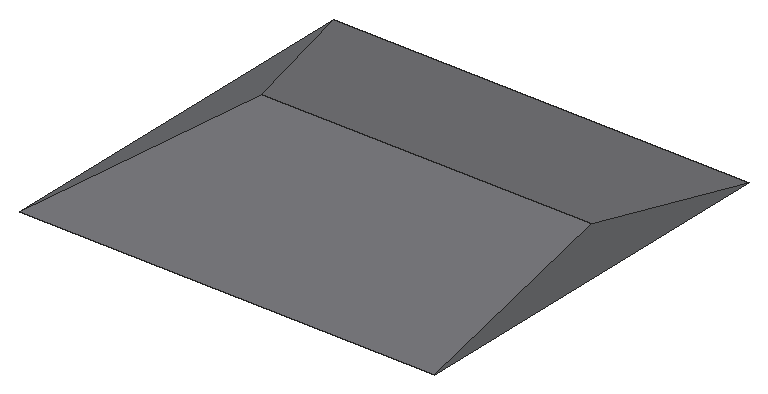
Revit family "NBS_TapcoRoofingProducts_RcnstttdSltCrsngFitngs_TapcoSlate_ClassicRidgeToHipJunction", category Generic Models, Revit 2019
Family settings
  Can host rebar = No
  Round Connector Dimension = Use Diameter
  Part Type = Normal
  Cut with Voids When Loaded = No
  Shared = No
  Room Calculation Point = No
Parameters (values of type "TapcoSlate_ClassicRidgeToHipJunction_804PewterGrey_14To17DegPitch")
  WarrantyStartDate [instance] = "1900-12-31T23:59:59"
  WarrantyGuarantorParts = "n/a"
  WarrantyGuarantorLabor = "n/a"
  WarrantyDurationUnit = "year"
  WarrantyDurationParts = "n/a"
  WarrantyDurationLabor = "n/a"
  WarrantyDescription = "40-years"
  Version = "1"  # constant formula
  Uniclass2015Version = "Products v1.20"
  Uniclass2015Title = "Reconstituted slate coursing fittings"
  Uniclass2015Code = "Pr_25_93_72_73"
  ThermalTransmittance = 0
  TagNumber [instance] = "n/a"
  SustainabilityPerformance = "n/a"
  SurfaceSpreadOfFlame = "n/a"
  Status = "UNSET"
  Size = "14 x 445 x 300 mm"
  Shape = "Rectangular"
  SerialNumber [instance] = "n/a"
  Revision = "n/a"
  ReplacementCost = "n/a"
  Reference = "n/a"
  ProductInformation = "https://www.tapcoroofingproducts.com/product/tapcoslate-classic-angled-ridge-hip-cap/"
  PitchRange = "14° - 17°"
  NominalWidth = 300 mm
  NominalLength = 445 mm
  NominalHeight = 45 mm
  Name = "ReconstitutedSlatesCoursingFittings_TapcoSlate_ClassicRidgeToHipJunction_804PewterGrey_14To17DegPitch_TapcoRoofingProducts"
  NBSReference = "45-80-90/388"
  NBSDescription = "Reconstituted slates coursing fittings"
  NBSCertification = "www.nationalbimlibrary.com/cert/s0vwkabx"
  ModelReference = "TapcoSlate_ClassicRidgeToHipJunction_804PewterGrey_14To17DegPitch"
  ModelNumber = "804"
  Material = "Virgin limestone, polypropylene"
  ManufacturerURL = "www.tapcoroofingproducts.com"
  ManufacturerName = "Tapco Roofing Products"  # constant formula
  Manufacturer = "international@tapcoint.com"
  built-in parameter 1001306 [instance] = 445 mm  # constant formula
  IsExternal = yes
  InstallationDate [instance] = "1900-12-31T23:59:59"
  IfcExportType = "ROOFING"  # constant formula
  IfcExportAs = "IfcCoveringType"  # constant formula
  Grade = "n/a"
  FragilityRating = "n/a"
  FlammabilityRating = "BS476 Part 3, Boarded Roof SAA, Battened Roof SAC"
  Fittings = "n/a"
  FireRating = "BS476 Part 3, Boarded Roof SAA, Battened Roof SAC"
  Finish = "n/a"
  Features = "Lightweight – as low as 12 kg per square metre, easy to install with pre-marked nailing guides and spacers, easily cut with a fine-toothed saw or sharp utility blade, mechanically fixed"
  ExpectedLife = "80+ years"
  EndCapPitchAngle = 14.00°
  DurationUnit = "year"
  Description = "A dry-fix ridge to hip junction cap for all roofs where the ridge meets the hip"
  Constituents = "n/a"
  Combustible = yes
  Colour = "Pewter grey"
  Color = "Pewter grey"
  CodePerformance = "Fully tested to BBA, ETA and CE standards"
  ClassicRidgeEndCapWidth = 268 mm
  ClassicRidgeEndCapMaterial = NBS_TapcoRoofingProducts_Slate_804PewterGrey
  Category = "Pr_25_93_72_73:Reconstituted slate coursing fittings"
  BarCode [instance] = "n/a"
  BIMObjectName = "NBS_TapcoRoofingProducts_ReconstitutedSlatesCoursingFittings_TapcoSlate_ClassicRidgeToHipJunction_804PewterGrey_14To17DegPitch"
  Author = "NBS"  # constant formula
  AssetType = "Fixed"
  AssetIdentifier [instance] = "n/a"
  Applications = "Suitable for Tapco Slate Classic and Tapco Slate Classic Ridge and Hip Caps, it is especially valuable for the 3-way junction on an Edwardian conservatory roof"
  AcousticRating = "n/a"
  AccessibilityPerformance = "n/a"
Types (22, lengths in mm): name | Size | PitchRange | Name | ModelReference | ModelNumber | EndCapPitchAngle | Colour | Color | ClassicRidgeEndCapMaterial | BIMObjectName
  (no name) | "35 x 445 x 300 mm" | "35° - 40°" | "ReconstitutedSlatesCoursingFittings_TapcoSlate_ClassicRidgeToHipJunction_801StoneBlack_35To40DegPitch_TapcoRoofingProducts" | "TapcoSlate_ClassicRidgeToHipJunction_801StoneBlack_35To40DegPitch" | "801" | 35.00° | "Stone black" | "Stone black" | NBS_TapcoRoofingProducts_Slate_801StoneBlack | "NBS_TapcoRoofingProducts_ReconstitutedSlatesCoursingFittings_TapcoSlate_ClassicRidgeToHipJunction_801StoneBlack_35To40DegPitch"
  TapcoSlate_ClassicRidgeToHipJunction_801StoneBlack_14To17DegPitch | "45 x 445 x 300 mm" | "14° - 17°" | "ReconstitutedSlatesCoursingFittings_TapcoSlate_ClassicRidgeToHipJunction_801StoneBlack_14To17DegPitch_TapcoRoofingProducts" | "TapcoSlate_ClassicRidgeToHipJunction_801StoneBlack_14To17DegPitch" | "801" | 14.00° | "Stone black" | "Stone black" | NBS_TapcoRoofingProducts_Slate_801StoneBlack | "NBS_TapcoRoofingProducts_ReconstitutedSlatesCoursingFittings_TapcoSlate_ClassicRidgeToHipJunction_801StoneBlack_14To17DegPitch"
  TapcoSlate_ClassicRidgeToHipJunction_801StoneBlack_18To24DegPitch | "45 x 445 x 300 mm" | "18° - 24°" | "ReconstitutedSlatesCoursingFittings_TapcoSlate_ClassicRidgeToHipJunction_801StoneBlack_18To24DegPitch_TapcoRoofingProducts" | "TapcoSlate_ClassicRidgeToHipJunction_801StoneBlack_18To24DegPitch" | "801" | 18.00° | "Stone black" | "Stone black" | NBS_TapcoRoofingProducts_Slate_801StoneBlack | "NBS_TapcoRoofingProducts_ReconstitutedSlatesCoursingFittings_TapcoSlate_ClassicRidgeToHipJunction_801StoneBlack_18To24DegPitch"
  TapcoSlate_ClassicRidgeToHipJunction_801StoneBlack_25To30DegPitch | "45 x 445 x 300 mm" | "25° - 30°" | "ReconstitutedSlatesCoursingFittings_TapcoSlate_ClassicRidgeToHipJunction_801StoneBlack_25To30DegPitch_TapcoRoofingProducts" | "TapcoSlate_ClassicRidgeToHipJunction_801StoneBlack_25To30DegPitch" | "801" | 25.00° | "Stone black" | "Stone black" | NBS_TapcoRoofingProducts_Slate_801StoneBlack | "NBS_TapcoRoofingProducts_ReconstitutedSlatesCoursingFittings_TapcoSlate_ClassicRidgeToHipJunction_801StoneBlack_25To30DegPitch"
  TapcoSlate_ClassicRidgeToHipJunction_804PewterGrey_14To17DegPitch | "14 x 445 x 300 mm" | "14° - 17°" | "ReconstitutedSlatesCoursingFittings_TapcoSlate_ClassicRidgeToHipJunction_804PewterGrey_14To17DegPitch_TapcoRoofingProducts" | "TapcoSlate_ClassicRidgeToHipJunction_804PewterGrey_14To17DegPitch" | "804" | 14.00° | "Pewter grey" | "Pewter grey" | NBS_TapcoRoofingProducts_Slate_804PewterGrey | "NBS_TapcoRoofingProducts_ReconstitutedSlatesCoursingFittings_TapcoSlate_ClassicRidgeToHipJunction_804PewterGrey_14To17DegPitch"
  TapcoSlate_ClassicRidgeToHipJunction_804PewterGrey_18To24DegPitch | "45 x 445 x 300 mm" | "18° - 24°" | "ReconstitutedSlatesCoursingFittings_TapcoSlate_ClassicRidgeToHipJunction_804PewterGrey_18To24DegPitch_TapcoRoofingProducts" | "TapcoSlate_ClassicRidgeToHipJunction_804PewterGrey_18To24DegPitch" | "804" | 18.00° | "Pewter grey" | "Pewter grey" | NBS_TapcoRoofingProducts_Slate_804PewterGrey | "NBS_TapcoRoofingProducts_ReconstitutedSlatesCoursingFittings_TapcoSlate_ClassicRidgeToHipJunction_804PewterGrey_18To24DegPitch"
  TapcoSlate_ClassicRidgeToHipJunction_804PewterGrey_25To30DegPitch | "45 x 445 x 300 mm" | "25° - 30°" | "ReconstitutedSlatesCoursingFittings_TapcoSlate_ClassicRidgeToHipJunction_804PewterGrey_25To30DegPitch_TapcoRoofingProducts" | "TapcoSlate_ClassicRidgeToHipJunction_804PewterGrey_25To30DegPitch" | "804" | 25.00° | "Pewter grey" | "Pewter grey" | NBS_TapcoRoofingProducts_Slate_804PewterGrey | "NBS_TapcoRoofingProducts_ReconstitutedSlatesCoursingFittings_TapcoSlate_ClassicRidgeToHipJunction_804PewterGrey_25To30DegPitch"
  TapcoSlate_ClassicRidgeToHipJunction_809RedRock_14To17DegPitch | "45 x 445 x 300 mm" | "14° - 17°" | "ReconstitutedSlatesCoursingFittings_TapcoSlate_ClassicRidgeToHipJunction_809RedRock_14To17DegPitch_TapcoRoofingProducts" | "TapcoSlate_ClassicRidgeToHipJunction_809RedRock_14To17DegPitch" | "809" | 14.00° | "Red rock" | "Red rock" | NBS_TapcoRoofingProducts_Slate_809RedRock | "NBS_TapcoRoofingProducts_ReconstitutedSlatesCoursingFittings_TapcoSlate_ClassicRidgeToHipJunction_809RedRock_14To17DegPitch"
  TapcoSlate_ClassicRidgeToHipJunction_809RedRock_18To24DegPitch | "45 x 445 x 300 mm" | "18° - 24°" | "ReconstitutedSlatesCoursingFittings_TapcoSlate_ClassicRidgeToHipJunction_809RedRock_18To24DegPitch_TapcoRoofingProducts" | "TapcoSlate_ClassicRidgeToHipJunction_809RedRock_18To24DegPitch" | "809" | 18.00° | "Red rock" | "Red rock" | NBS_TapcoRoofingProducts_Slate_809RedRock | "NBS_TapcoRoofingProducts_ReconstitutedSlatesCoursingFittings_TapcoSlate_ClassicRidgeToHipJunction_809RedRock_18To24DegPitch"
  TapcoSlate_ClassicRidgeToHipJunction_809RedRock_25To30DegPitch | "45 x 445 x 300 mm" | "25° - 30°" | "ReconstitutedSlatesCoursingFittings_TapcoSlate_ClassicRidgeToHipJunction_809RedRock_25To30DegPitch_TapcoRoofingProducts" | "TapcoSlate_ClassicRidgeToHipJunction_809RedRock_25To30DegPitch" | "809" | 25.00° | "Red rock" | "Red rock" | NBS_TapcoRoofingProducts_Slate_809RedRock | "NBS_TapcoRoofingProducts_ReconstitutedSlatesCoursingFittings_TapcoSlate_ClassicRidgeToHipJunction_809RedRock_25To30DegPitch"
  TapcoSlate_ClassicRidgeToHipJunction_706Plum_14To17DegPitch | "45 x 445 x 300 mm" | "14° - 17°" | "ReconstitutedSlatesCoursingFittings_TapcoSlate_ClassicRidgeToHipJunction_706Plum_14To17DegPitch_TapcoRoofingProducts" | "TapcoSlate_ClassicRidgeToHipJunction_706Plum_14To17DegPitch" | "706" | 14.00° | "Plum" | "Plum" | NBS_TapcoRoofingProducts_Slate_706Plum | "NBS_TapcoRoofingProducts_ReconstitutedSlatesCoursingFittings_TapcoSlate_ClassicRidgeToHipJunction_706Plum_14To17DegPitch"
  TapcoSlate_ClassicRidgeToHipJunction_706Plum_18To24DegPitch | "45 x 445 x 300 mm" | "18° - 24°" | "ReconstitutedSlatesCoursingFittings_TapcoSlate_ClassicRidgeToHipJunction_706Plum_18To24DegPitch_TapcoRoofingProducts" | "TapcoSlate_ClassicRidgeToHipJunction_706Plum_18To24DegPitch" | "706" | 18.00° | "Plum" | "Plum" | NBS_TapcoRoofingProducts_Slate_706Plum | "NBS_TapcoRoofingProducts_ReconstitutedSlatesCoursingFittings_TapcoSlate_ClassicRidgeToHipJunction_706Plum_18To24DegPitch"
  TapcoSlate_ClassicRidgeToHipJunction_706Plum_25To30DegPitch | "45 x 445 x 300 mm" | "25° - 30°" | "ReconstitutedSlatesCoursingFittings_TapcoSlate_ClassicRidgeToHipJunction_706Plum_25To30DegPitch_TapcoRoofingProducts" | "TapcoSlate_ClassicRidgeToHipJunction_706Plum_25To30DegPitch" | "706" | 25.00° | "Plum" | "Plum" | NBS_TapcoRoofingProducts_Slate_706Plum | "NBS_TapcoRoofingProducts_ReconstitutedSlatesCoursingFittings_TapcoSlate_ClassicRidgeToHipJunction_706Plum_25To30DegPitch"
  TapcoSlate_ClassicRidgeToHipJunction_709BrickRed_14To17DegPitch | "45 x 445 x 300 mm" | "14° - 17°" | "ReconstitutedSlatesCoursingFittings_TapcoSlate_ClassicRidgeToHipJunction_709BrickRed_14To17DegPitch_TapcoRoofingProducts" | "TapcoSlate_ClassicRidgeToHipJunction_709BrickRed_14To17DegPitch" | "709" | 14.00° | "Brick red" | "Brick red" | NBS_TapcoRoofingProducts_Slate_709BrickRed | "NBS_TapcoRoofingProducts_ReconstitutedSlatesCoursingFittings_TapcoSlate_ClassicRidgeToHipJunction_709BrickRed_14To17DegPitch"
  TapcoSlate_ClassicRidgeToHipJunction_709BrickRed_18To24DegPitch | "45 x 445 x 300 mm" | "18° - 24°" | "ReconstitutedSlatesCoursingFittings_TapcoSlate_ClassicRidgeToHipJunction_709BrickRed_18To24DegPitch_TapcoRoofingProducts" | "TapcoSlate_ClassicRidgeToHipJunction_709BrickRed_18To24DegPitch" | "709" | 18.00° | "Brick red" | "Brick red" | NBS_TapcoRoofingProducts_Slate_709BrickRed | "NBS_TapcoRoofingProducts_ReconstitutedSlatesCoursingFittings_TapcoSlate_ClassicRidgeToHipJunction_709BrickRed_18To24DegPitch"
  TapcoSlate_ClassicRidgeToHipJunction_709BrickRed_25To30DegPitch | "45 x 445 x 300 mm" | "25° - 30°" | "ReconstitutedSlatesCoursingFittings_TapcoSlate_ClassicRidgeToHipJunction_709BrickRed_25To30DegPitch_TapcoRoofingProducts" | "TapcoSlate_ClassicRidgeToHipJunction_709BrickRed_25To30DegPitch" | "709" | 25.00° | "Brick red" | "Brick red" | NBS_TapcoRoofingProducts_Slate_709BrickRed | "NBS_TapcoRoofingProducts_ReconstitutedSlatesCoursingFittings_TapcoSlate_ClassicRidgeToHipJunction_709BrickRed_25To30DegPitch"
  TapcoSlate_ClassicRidgeToHipJunction_712ChestnutBrown_14To17DegPitch | "45 x 445 x 300 mm" | "14° - 17°" | "ReconstitutedSlatesCoursingFittings_TapcoSlate_ClassicRidgeToHipJunction_712ChestnutBrown_14To17DegPitch_TapcoRoofingProducts" | "TapcoSlate_ClassicRidgeToHipJunction_712ChestnutBrown_14To17DegPitch" | "712" | 14.00° | "Chestnut brown" | "Chestnut brown" | NBS_TapcoRoofingProducts_Slate_712ChestnutBrown | "NBS_TapcoRoofingProducts_ReconstitutedSlatesCoursingFittings_TapcoSlate_ClassicRidgeToHipJunction_712ChestnutBrown_14To17DegPitch"
  TapcoSlate_ClassicRidgeToHipJunction_712ChestnutBrown_18To24DegPitch | "45 x 445 x 300 mm" | "18° - 24°" | "ReconstitutedSlatesCoursingFittings_TapcoSlate_ClassicRidgeToHipJunction_712ChestnutBrown_18To24DegPitch_TapcoRoofingProducts" | "TapcoSlate_ClassicRidgeToHipJunction_712ChestnutBrown_18To24DegPitch" | "712" | 18.00° | "Chestnut brown" | "Chestnut brown" | NBS_TapcoRoofingProducts_Slate_712ChestnutBrown | "NBS_TapcoRoofingProducts_ReconstitutedSlatesCoursingFittings_TapcoSlate_ClassicRidgeToHipJunction_712ChestnutBrown_18To24DegPitch"
  TapcoSlate_ClassicRidgeToHipJunction_712ChestnutBrown_25To30DegPitch | "45 x 445 x 300 mm" | "25° - 30°" | "ReconstitutedSlatesCoursingFittings_TapcoSlate_ClassicRidgeToHipJunction_712ChestnutBrown_25To30DegPitch_TapcoRoofingProducts" | "TapcoSlate_ClassicRidgeToHipJunction_712ChestnutBrown_25To30DegPitch" | "712" | 25.00° | "Chestnut brown" | "Chestnut brown" | NBS_TapcoRoofingProducts_Slate_712ChestnutBrown | "NBS_TapcoRoofingProducts_ReconstitutedSlatesCoursingFittings_TapcoSlate_ClassicRidgeToHipJunction_712ChestnutBrown_25To30DegPitch"
  TapcoSlate_ClassicRidgeToHipJunction_801StoneBlack_25To29DegPitch | "45 x 445 x 300 mm" | "25° - 29°" | "ReconstitutedSlatesCoursingFittings_TapcoSlate_ClassicRidgeToHipJunction_801StoneBlack_25To29DegPitch_TapcoRoofingProducts" | "TapcoSlate_ClassicRidgeToHipJunction_801StoneBlack_25To29DegPitch" | "801" | 25.00° | "Stone black" | "Stone black" | NBS_TapcoRoofingProducts_Slate_801StoneBlack | "NBS_TapcoRoofingProducts_ReconstitutedSlatesCoursingFittings_TapcoSlate_ClassicRidgeToHipJunction_801StoneBlack_25To29DegPitch"
  TapcoSlate_ClassicRidgeToHipJunction_801StoneBlack_30To34DegPitch | "45 x 445 x 300 mm" | "30° - 34°" | "ReconstitutedSlatesCoursingFittings_TapcoSlate_ClassicRidgeToHipJunction_801StoneBlack_30To34DegPitch_TapcoRoofingProducts" | "TapcoSlate_ClassicRidgeToHipJunction_801StoneBlack_30To34DegPitch" | "801" | 30.00° | "Stone black" | "Stone black" | NBS_TapcoRoofingProducts_Slate_801StoneBlack | "NBS_TapcoRoofingProducts_ReconstitutedSlatesCoursingFittings_TapcoSlate_ClassicRidgeToHipJunction_801StoneBlack_30To34DegPitch"
  TapcoSlate_ClassicRidgeToHipJunction_801StoneBlack_35To40DegPitch | "35 x 445 x 300 mm" | "35° - 40°" | "ReconstitutedSlatesCoursingFittings_TapcoSlate_ClassicRidgeToHipJunction_801StoneBlack_35To40DegPitch_TapcoRoofingProducts" | "TapcoSlate_ClassicRidgeToHipJunction_801StoneBlack_35To40DegPitch" | "801" | 35.00° | "Stone black" | "Stone black" | NBS_TapcoRoofingProducts_Slate_801StoneBlack | "NBS_TapcoRoofingProducts_ReconstitutedSlatesCoursingFittings_TapcoSlate_ClassicRidgeToHipJunction_801StoneBlack_35To40DegPitch"
Reference planes
  plane 1 "Center (Front/Back)": y = 0
  plane 2: z = 0
  plane 3 "Left": x = 0
  plane 4 "Right": x = 445
  plane 5: x = 210
  plane 6: z = -104.132
Forms (mm)
  Extrusion 1, solid, material "NBS_TapcoRoofingProducts_Slate_804PewterGrey" <- "ClassicRidgeEndCapMaterial", detail levels medium+fine
    sketch origin (0, 0, 0) x (0, 1, 0) y (0, 0, 1)
      loop
        line (0, 0) -> (-157.188, -39.191) -> (157.188, -39.191) -> (0, 0)
    from 0 to 445
  Extrusion 2, void
    sketch origin (0, 0, 0) x (1, 0, 0) y (0, 0, 1)
      loop
        line (0, 17.112) -> (0, -104.132) -> (210, 17.112) -> (0, 17.112)
    from -225.829 to 250
Cuts and joins
  Extrusion 2 cuts Extrusion 1
Lines and regions (mm)
  reference lines
    curve 1: line (0, 0, 0) -> (445, 0, 0)
    curve 2: line (0, 0, 0) -> (0, 157.188, -39.191)
    curve 3: line (0, 0, 0) -> (0, -157.188, -39.191)
    curve 4: line (0, 157.188, -39.191) -> (0, -157.188, -39.191)
Dimensions and locks
  "built-in parameter 1001306": plane 3 "Left" to plane 4 "Right"
  locked: plane 3 "Left" to plane 5 at 210
  locked: plane 6 to plane 2 at 104.132
  locked: curve 2 to curve 2 at 162
  locked: curve 3 to curve 3 at 162
  "EndCapPitchAngle": angle plane 2 to curve 2
  "EndCapPitchAngle": angle curve 3 to plane 2
  aligned and locked: plane 4 "Right" to curve 1
  aligned and locked: plane 1 "Center (Front/Back)" to curve 1
  aligned and locked: plane 3 "Left" to curve 1
  aligned and locked: level to plane 2
  aligned and locked: plane 1 "Center (Front/Back)" to curve 3
  aligned and locked: plane 2 to curve 3
  aligned and locked: Extrusion 1 sketch curve to curve 2
  aligned and locked: Extrusion 1 sketch curve to curve 3
  aligned and locked: Extrusion 1 sketch curve to curve 4
  aligned and locked: Extrusion 1 to curve 1
  aligned and locked: plane 4 "Right" to cut or joined group of Extrusion 1, Extrusion 2
  aligned and locked: plane 3 "Left" to curve 2
  aligned and locked: curve 3 to plane 3 "Left"
  aligned and locked: Extrusion 1 to plane 3 "Left"
Automatic sketch dimensions
  Extrusion 2 sketch curve to plane 3 "Left" = 0 mm
  plane 5 to Extrusion 2 sketch curve = 0 mm
  Extrusion 2 sketch curve to plane 6 = 0 mm
  level to Extrusion 2 sketch curve = 17.112 mm
